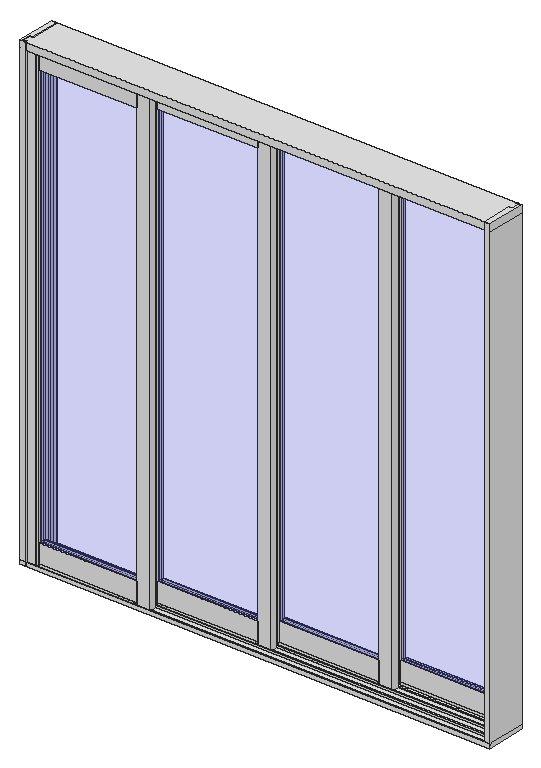
Revit family "Door-Sliding-All_Weather-Series_8100-Single_Parting", category Doors, host Wall, Revit 2026 (continued)
Definition of nested family "Detail-All_Weather-Series_8100_Footer"
  Lines and regions (in)
    Masking region 14, in view "Ref. Level", visible <- "4 Track", detail levels medium+fine
      outline origin (6.06606, 0, 0) x (1, 0, 0) y (0, 1, 0)
        loop
          line (-0.80264, 2.4338) -> (-0.80264, 2.21514) -> (-0.85234, 2.21514) -> (-0.85234, 2.26245) -> (-0.89209, 2.26245) -> (-0.89209, 2.16942) -> (-0.87419, 2.14386) -> (-0.87419, 2.078)
          arc (-0.87419, 2.078) -> (-0.92298, 2.0687) -> (-0.96494, 2.04212) r 0.13269
          arc (-0.96494, 2.04212) -> (-0.9663, 1.99997) -> (-0.92415, 1.99861) r 0.02982
          arc (-0.92415, 1.99861) -> (-0.8013, 1.94041) -> (-0.93084, 1.89919) r 0.07305
          line (-0.93084, 1.89919) -> (-1.42083, 1.93387) -> (-1.42083, 2.15352) -> (-1.32145, 2.15352) -> (-1.32145, 2.26245) -> (-1.36115, 2.26245) -> (-1.36115, 2.21514) -> (-1.41085, 2.21514) -> (-1.41085, 2.4338) -> (-1.36115, 2.4338) -> (-1.36115, 2.38649) -> (-1.32145, 2.38649) -> (-1.32145, 2.49542) -> (-1.48047, 2.49542) -> (-1.48047, 2.09588) -> (-1.51292, 2.09588) -> (-1.52812, 2.14557) -> (-1.55998, 2.14557) -> (-1.55998, 2.0673)
          arc (-1.55998, 2.0673) -> (-1.55088, 2.04534) -> (-1.52892, 2.03624) r 0.03106
          line (-1.52892, 2.03624) -> (-1.48047, 2.03624) -> (-1.48047, 1.78106) -> (-1.43135, 1.78106) -> (-1.43135, 1.87424) -> (-1.37114, 1.87424) -> (-1.37114, 1.75) -> (-1.29163, 1.75) -> (-1.29163, 1.85498) -> (-0.94735, 1.83061) -> (-0.87419, 1.75) -> (-0.60646, 1.75) -> (-0.60646, 1.85004)
          arc (-0.60646, 1.85004) -> (-0.61686, 1.87036) -> (-0.63943, 1.87378) r 0.02503
          line (-0.63943, 1.87378) -> (-0.68569, 1.82752) -> (-0.74199, 1.82752)
          arc (-0.74199, 1.82752) -> (-0.76378, 1.83655) -> (-0.7728, 1.85833) r 0.03081
          line (-0.7728, 1.85833) -> (-0.7728, 2.04022)
          arc (-0.7728, 2.04022) -> (-0.76378, 2.062) -> (-0.74199, 2.07103) r 0.03081
          line (-0.74199, 2.07103) -> (-0.68569, 2.07103) -> (-0.64568, 2.03102)
          arc (-0.64568, 2.03102) -> (-0.61981, 2.02902) -> (-0.60627, 2.05115) r 0.02485
          line (-0.60627, 2.05115) -> (-0.60627, 2.18197) -> (-0.64593, 2.12532) -> (-0.69871, 2.12532) -> (-0.72313, 2.14973) -> (-0.72313, 2.37497) -> (-0.67417, 2.34069) -> (-0.67417, 2.39707) -> (-0.72311, 2.49542) -> (-0.89209, 2.49542) -> (-0.89209, 2.38649) -> (-0.85234, 2.38649) -> (-0.85234, 2.4338) -> (-0.80264, 2.4338)
        loop
          line (-0.16126, 2.4338) -> (-0.11157, 2.4338) -> (-0.11157, 2.38649) -> (-0.07181, 2.38649) -> (-0.07181, 2.49542) -> (-0.2408, 2.49542) -> (-0.28973, 2.39707) -> (-0.28973, 2.34069) -> (-0.24077, 2.37497) -> (-0.24077, 2.14973) -> (-0.26519, 2.12532) -> (-0.31797, 2.12532) -> (-0.35764, 2.18197) -> (-0.35764, 2.05115)
          arc (-0.35764, 2.05115) -> (-0.34409, 2.02902) -> (-0.31823, 2.03102) r 0.02485
          line (-0.31823, 2.03102) -> (-0.27822, 2.07103) -> (-0.22191, 2.07103)
          arc (-0.22191, 2.07103) -> (-0.20013, 2.062) -> (-0.1911, 2.04022) r 0.03081
          line (-0.1911, 2.04022) -> (-0.1911, 1.85833)
          arc (-0.1911, 1.85833) -> (-0.20013, 1.83655) -> (-0.22191, 1.82752) r 0.03081
          line (-0.22191, 1.82752) -> (-0.27822, 1.82752) -> (-0.32447, 1.87378)
          arc (-0.32447, 1.87378) -> (-0.34704, 1.87036) -> (-0.35745, 1.85004) r 0.02503
          line (-0.35745, 1.85004) -> (-0.35745, 1.75) -> (-0.08971, 1.75) -> (-0.01645, 1.83073) -> (0.33638, 1.86225) -> (0.33638, 1.75) -> (0.41589, 1.75) -> (0.41589, 1.87424) -> (0.46745, 1.87424) -> (0.46745, 1.78106) -> (0.51656, 1.78106) -> (0.51656, 1.93387) -> (0.41589, 1.93387) -> (0.41589, 2.15534) -> (0.47199, 2.15534) -> (0.48422, 2.10564) -> (0.51528, 2.10564) -> (0.51528, 2.49542) -> (0.35754, 2.49542) -> (0.35754, 2.38649) -> (0.39725, 2.38649) -> (0.39725, 2.4338) -> (0.44694, 2.4338) -> (0.44694, 2.21514) -> (0.39725, 2.21514) -> (0.39725, 2.26245) -> (0.35754, 2.26245) -> (0.35754, 1.93399) -> (-0.03315, 1.89908)
          arc (-0.03315, 1.89908) -> (-0.1626, 1.94048) -> (-0.03975, 1.99861) r 0.07305
          arc (-0.03975, 1.99861) -> (0.00239, 1.99997) -> (0.00103, 2.04212) r 0.02982
          arc (0.00103, 2.04212) -> (-0.04092, 2.0687) -> (-0.08971, 2.078) r 0.13269
          line (-0.08971, 2.078) -> (-0.08971, 2.14386) -> (-0.07181, 2.16942) -> (-0.07181, 2.26245) -> (-0.11157, 2.26245) -> (-0.11157, 2.21514) -> (-0.16126, 2.21514) -> (-0.16126, 2.4338)
    Masking region 15, in view "Ref. Level", visible <- "4 Track", detail levels fine
      outline origin (6.06749, 0, 0) x (1, 0, 0) y (0, 1, 0)
        loop
          line (-1.36155, 2.36305) -> (-1.36155, 2.4338) -> (-1.41125, 2.4338) -> (-1.41125, 2.21514) -> (-1.36155, 2.21514) -> (-1.36155, 2.28404) -> (-1.22601, 2.27665) -> (-1.22601, 2.3706) -> (-1.36155, 2.36305)
        loop
          line (0.39458, 2.36305) -> (0.25904, 2.3706) -> (0.25904, 2.27665) -> (0.39458, 2.28404) -> (0.39458, 2.21514) -> (0.44427, 2.21514) -> (0.44427, 2.4338) -> (0.39458, 2.4338) -> (0.39458, 2.36305)
    Masking region 16, in view "Ref. Level", visible <- "4 Track", detail levels fine
      outline origin (6.06606, 0, 0) x (1, 0, 0) y (0, 1, 0)
        loop
          line (-4.60627, 2.12834) -> (-4.60627, 2.05115)
          arc (-4.60627, 2.05115) -> (-4.61981, 2.02902) -> (-4.64568, 2.03102) r 0.02485
          line (-4.64568, 2.03102) -> (-4.68569, 2.07103) -> (-4.74199, 2.07103)
          arc (-4.74199, 2.07103) -> (-4.76378, 2.062) -> (-4.7728, 2.04022) r 0.03081
          line (-4.7728, 2.04022) -> (-4.7728, 1.85833)
          arc (-4.7728, 1.85833) -> (-4.76378, 1.83655) -> (-4.74199, 1.82752) r 0.03081
          line (-4.74199, 1.82752) -> (-4.68569, 1.82752) -> (-4.64568, 1.86753)
          arc (-4.64568, 1.86753) -> (-4.61981, 1.86953) -> (-4.60627, 1.8474) r 0.02485
          line (-4.60627, 1.8474) -> (-4.60627, 1.81581) -> (-4.35764, 1.81581) -> (-4.35764, 1.8474)
          arc (-4.35764, 1.8474) -> (-4.34409, 1.86953) -> (-4.31823, 1.86753) r 0.02485
          line (-4.31823, 1.86753) -> (-4.27822, 1.82752) -> (-4.22191, 1.82752)
          arc (-4.22191, 1.82752) -> (-4.20013, 1.83655) -> (-4.1911, 1.85833) r 0.03081
          line (-4.1911, 1.85833) -> (-4.1911, 2.04022)
          arc (-4.1911, 2.04022) -> (-4.20013, 2.062) -> (-4.22191, 2.07103) r 0.03081
          line (-4.22191, 2.07103) -> (-4.27822, 2.07103) -> (-4.31823, 2.03102)
          arc (-4.31823, 2.03102) -> (-4.34409, 2.02902) -> (-4.35764, 2.05115) r 0.02485
          line (-4.35764, 2.05115) -> (-4.35764, 2.12834) -> (-4.60627, 2.12834)
    Masking region 17, in view "Ref. Level", visible <- "4 Track", detail levels fine
      outline origin (6.06606, 0, 0) x (1, 0, 0) y (0, 1, 0)
        loop
          line (-4.30086, 2.2299) -> (-4.30086, 2.40314) -> (-4.37824, 2.53225) -> (-4.37824, 2.57578)
          arc (-4.37824, 2.57578) -> (-4.4826, 2.68014) -> (-4.58695, 2.57578) r 0.10436
          line (-4.58695, 2.57578) -> (-4.58695, 2.53225) -> (-4.66423, 2.40314) -> (-4.66423, 2.2299) -> (-4.70088, 2.2299) -> (-4.70088, 2.1592)
          arc (-4.70088, 2.1592) -> (-4.66765, 2.12596) -> (-4.63441, 2.1592) r 0.03323
          line (-4.63441, 2.1592) -> (-4.63441, 2.39229) -> (-4.55714, 2.5214) -> (-4.55714, 2.57578)
          arc (-4.55714, 2.57578) -> (-4.4826, 2.65032) -> (-4.40805, 2.57578) r 0.07454
          line (-4.40805, 2.57578) -> (-4.40805, 2.5214) -> (-4.33078, 2.39229) -> (-4.33078, 2.1592)
          arc (-4.33078, 2.1592) -> (-4.29754, 2.12596) -> (-4.26431, 2.1592) r 0.03323
          line (-4.26431, 2.1592) -> (-4.26431, 2.2299) -> (-4.30086, 2.2299)
  Dimensions and locks (in)
    "Height": plane 3 "Top" to plane 1 "Center (Front/Back)"
    "Thickness": plane 4 "Front" to plane 5
    Masking region 3 sketch curve to Masking region 3 sketch curve to Masking region 3 sketch curve to Masking region 3 sketch curve to Masking region 3 sketch curve to Masking region 3 sketch curve to Masking region 3 sketch curve to Masking region 3 sketch curve = 0' - 0.04969" locked, 0' - 0" locked, 0' - 0.13554" locked, 0' - 1.48505" locked, 0' - 0.13554" locked, 0' - 0" locked, 0' - 0.04969" locked
    plane 3 "Top" to Masking region 3 sketch curve to Masking region 3 sketch curve to Masking region 3 sketch curve to Masking region 3 sketch curve to Masking region 3 sketch curve to Masking region 3 sketch curve to Masking region 3 sketch curve to Masking region 3 sketch curve to Masking region 3 sketch curve to Masking region 3 sketch curve to Masking region 3 sketch curve to Masking region 3 sketch curve = 0' - 0.0662" locked, 0' - 0" locked, 0' - 0.06321" locked, 0' - 0" locked, 0' - 0.00755" locked, 0' - 0" locked, 0' - 0.07901" locked, 0' - 0" locked, 0' - 0.00739" locked, 0' - 0" locked, 0' - 0.06151" locked, 0' - 0" locked
    locked: plane 6 to plane 5 at 1
    Masking region 1 sketch curve to Masking region 1 sketch curve to Masking region 1 sketch curve to plane 4 "Front" to Masking region 1 sketch curve to Masking region 1 sketch curve to Masking region 1 sketch curve to Masking region 1 sketch curve to Masking region 1 sketch curve to Masking region 1 sketch curve to Masking region 1 sketch curve to Masking region 1 sketch curve to Masking region 1 sketch curve to Masking region 1 sketch curve to Masking region 1 sketch curve to Masking region 1 sketch curve to Masking region 1 sketch curve to Masking region 1 sketch curve to Masking region 1 sketch curve to Masking region 1 sketch curve to Masking region 1 sketch curve to Masking region 1 sketch curve to Masking region 1 sketch curve to Masking region 1 sketch curve to Masking region 1 sketch curve to Masking region 1 sketch curve to Masking region 1 sketch curve to Masking region 1 sketch curve to Masking region 1 sketch curve to Masking region 1 sketch curve to Masking region 1 sketch curve to Masking region 1 sketch curve to Masking region 1 sketch curve to Masking region 1 sketch curve to Masking region 1 sketch curve to Masking region 1 sketch curve to Masking region 1 sketch curve to Masking region 1 sketch curve to Masking region 1 sketch curve to Masking region 1 sketch curve to Masking region 1 sketch curve to Masking region 1 sketch curve to Masking region 1 sketch curve to Masking region 1 sketch curve to Masking region 1 sketch curve to Masking region 1 sketch curve to Masking region 1 sketch curve to Masking region 1 sketch curve to Masking region 1 sketch curve to Masking region 1 sketch curve to Masking region 1 sketch curve to Masking region 1 sketch curve to Masking region 1 sketch curve to Masking region 1 sketch curve to Masking region 1 sketch curve to Masking region 1 sketch curve to Masking region 1 sketch curve to Masking region 1 sketch curve to Masking region 1 sketch curve to Masking region 1 sketch curve to Masking region 1 sketch curve to Masking region 1 sketch curve to Masking region 1 sketch curve to Masking region 1 sketch curve to Masking region 1 sketch curve to Masking region 1 sketch curve to Masking region 1 sketch curve to Masking region 1 sketch curve to Masking region 1 sketch curve to Masking region 1 sketch curve to Masking region 1 sketch curve to Masking region 1 sketch curve to Masking region 1 sketch curve to Masking region 1 sketch curve to Masking region 1 sketch curve to Masking region 1 sketch curve to Masking region 1 sketch curve to Masking region 1 sketch curve = 0' - 0.03106" locked, 0' - 0.016" locked, 0' - 0.02464", 0' - 0 1/128", 0' - 0" locked, 0' - 0.04912", 0' - 0.01052" locked, 0' - 0.00999" locked, 0' - 0.03971" locked, 0' - 0.00999" locked, 0' - 0" locked, 0' - 0.03971" locked, 0' - 0" locked, 0' - 0.02982" locked, 0' - 0.31727" locked, 0' - 0.02701" locked, 0' - 0.01651" locked, 0' - 0.03874" locked, 0' - 0" locked, 0' - 0.0179" locked, 0' - 0" locked, 0' - 0.02185" locked, 0' - 0" locked, 0' - 0.04969" locked, 0' - 0.0015" locked, 0' - 0.02834" locked, 0' - 0.03081" locked, 0' - 0" locked, 0' - 0.01886" locked, 0' - 0.00002" locked, 0' - 0.02439" locked, 0' - 0.01303" locked, 0' - 0" locked, 0' - 0.01152" locked, 0' - 0.02823" locked, 0' - 0.00026" locked, 0' - 0.00625" locked, 0' - 0.03297" locked, 0' - 0.00019" locked, 0' - 0.24863" locked, 0' - 0.00019" locked, 0' - 0.03297" locked, 0' - 0.00625" locked, 0' - 0.00026" locked, 0' - 0.02823" locked, 0' - 0.01152" locked, 0' - 0" locked, 0' - 0.01303" locked, 0' - 0.02439" locked, 0' - 0.00002" locked, 0' - 0.01886" locked, 0' - 0" locked, 0' - 0.03081" locked, 0' - 0.02834" locked, 0' - 0.0015" locked, 0' - 0.04969" locked, 0' - 0" locked, 0' - 0.02185" locked, 0' - 0" locked, 0' - 0.0179" locked, 0' - 0" locked, 0' - 0.03206" locked, 0' - 0.02331" locked, 0' - 0.01748" locked, 0' - 0.33534" locked, 0' - 0.02116" locked, 0' - 0" locked, 0' - 0.03971" locked, 0' - 0" locked, 0' - 0.01864" locked, 0' - 0" locked, 0' - 0.03106" locked, 0' - 0.0205" locked, 0' - 0.00454", 0' - 0.01223", 0' - 0.03106", 0' - 0.00129"
    plane 1 "Center (Front/Back)" to Masking region 1 sketch curve to Masking region 1 sketch curve to Masking region 1 sketch curve to Masking region 1 sketch curve to Masking region 1 sketch curve to Masking region 1 sketch curve to Masking region 1 sketch curve to Masking region 1 sketch curve to Masking region 1 sketch curve to Masking region 1 sketch curve to Masking region 1 sketch curve to Masking region 1 sketch curve to Masking region 1 sketch curve to Masking region 1 sketch curve to Masking region 1 sketch curve to Masking region 1 sketch curve to Masking region 1 sketch curve to Masking region 1 sketch curve to Masking region 1 sketch curve to Masking region 1 sketch curve to Masking region 1 sketch curve to Masking region 1 sketch curve to Masking region 1 sketch curve to Masking region 1 sketch curve to Masking region 1 sketch curve to Masking region 1 sketch curve to Masking region 1 sketch curve to Masking region 1 sketch curve to Masking region 1 sketch curve to Masking region 1 sketch curve to Masking region 1 sketch curve to Masking region 1 sketch curve to Masking region 1 sketch curve to Masking region 1 sketch curve to Masking region 1 sketch curve to Masking region 1 sketch curve to Masking region 1 sketch curve to Masking region 1 sketch curve to Masking region 1 sketch curve to Masking region 1 sketch curve to Masking region 1 sketch curve to Masking region 1 sketch curve to Masking region 1 sketch curve to Masking region 1 sketch curve to Masking region 1 sketch curve to Masking region 1 sketch curve to Masking region 1 sketch curve to Masking region 1 sketch curve to Masking region 1 sketch curve to Masking region 1 sketch curve to Masking region 1 sketch curve to Masking region 1 sketch curve to Masking region 1 sketch curve to Masking region 1 sketch curve to Masking region 1 sketch curve to Masking region 1 sketch curve to Masking region 1 sketch curve to Masking region 1 sketch curve to Masking region 1 sketch curve to Masking region 1 sketch curve to Masking region 1 sketch curve to Masking region 1 sketch curve to Masking region 1 sketch curve to Masking region 1 sketch curve to Masking region 1 sketch curve to Masking region 1 sketch curve to Masking region 1 sketch curve to Masking region 1 sketch curve to Masking region 1 sketch curve to Masking region 1 sketch curve to Masking region 1 sketch curve to Masking region 1 sketch curve to Masking region 1 sketch curve to Masking region 1 sketch curve to Masking region 1 sketch curve to Masking region 1 sketch curve to Masking region 1 sketch curve to Masking region 1 sketch curve to Masking region 1 sketch curve to Masking region 1 sketch curve to Masking region 1 sketch curve to Masking region 1 sketch curve to Masking region 1 sketch curve = 0' - 0" locked, 0' - 0" locked, 0' - 0" locked, 0' - 0" locked, 0' - 0.03106" locked, 0' - 0" locked, 0' - 0.04646" locked, 0' - 0" locked, 0' - 0.00309" locked, 0' - 0.00012" locked, 0' - 0.01931" locked, 0' - 0" locked, 0' - 0.00494" locked, 0' - 0.00336" locked, 0' - 0" locked, 0' - 0 1/256" locked, 0' - 0.01154" locked, 0' - 0" locked, 0' - 0.00046" locked, 0' - 0" locked, 0' - 0.02485" locked, 0' - 0.0001" locked, 0' - 0.03468" locked, 0' - 0" locked, 0' - 0.00011" locked, 0' - 0.06462" locked, 0' - 0" locked, 0' - 0.03241" locked, 0' - 0" locked, 0' - 0.00522" locked, 0' - 0.00398" locked, 0' - 0" locked, 0' - 0.0019" locked, 0' - 0" locked, 0' - 0.00903" locked, 0' - 0" locked, 0' - 0.01615" locked, 0' - 0.00373" locked, 0' - 0" locked, 0' - 0" locked, 0' - 0.00697" locked, 0' - 0" locked, 0' - 0.01788" locked, 0' - 0.00977" locked, 0' - 0.01967" locked, 0' - 0" locked, 0' - 0.01854" locked, 0' - 0" locked, 0' - 0.00171" locked, 0' - 0.00416" locked, 0' - 0" locked, 0' - 0.00379" locked, 0' - 0.00181" locked, 0' - 0.01409" locked, 0' - 0" locked, 0' - 0.01254" locked, 0' - 0" locked, 0' - 0.03318" locked, 0' - 0", 0' - 0", 0' - 0" locked, 0' - 0.04731" locked, 0' - 0" locked, 0' - 0" locked, 0' - 0" locked, 0' - 0.07824" locked, 0' - 0" locked, 0' - 0.03428" locked, 0' - 0" locked, 0' - 0.01152" locked, 0' - 0" locked, 0' - 0" locked, 0' - 0" locked, 0' - 0.01058" locked, 0' - 0" locked, 0' - 0.03673" locked, 0' - 0", 0' - 0", 0' - 0" locked, 0' - 0.06162" locked, 0' - 0" locked, 0' - 0" locked, 0' - 0" locked
    plane 4 "Front" to Masking region 5 sketch curve to Masking region 5 sketch curve to Masking region 5 sketch curve to Masking region 5 sketch curve to Masking region 5 sketch curve to Masking region 5 sketch curve to Masking region 5 sketch curve to Masking region 5 sketch curve to Masking region 5 sketch curve to Masking region 5 sketch curve = 0' - 0.7874", 0' - 0.03665" locked, 0' - 0.02982" locked, 0' - 0.04746" locked, 0' - 0.02982" locked, 0' - 0.14908" locked, 0' - 0.02982" locked, 0' - 0.04746" locked, 0' - 0.02992" locked, 0' - 0.03655" locked
    Masking region 5 sketch curve to Masking region 5 sketch curve to Masking region 5 sketch curve to Masking region 5 sketch curve to Masking region 5 sketch curve to Masking region 5 sketch curve to plane 3 "Top" to Masking region 5 sketch curve to Masking region 5 sketch curve to Masking region 5 sketch curve to Masking region 5 sketch curve to Masking region 5 sketch curve to Masking region 5 sketch curve to Masking region 5 sketch curve to Masking region 5 sketch curve = 0' - 0.02982" locked, 0' - 0.11807" locked, 0' - 0" locked, 0' - 0.01085" locked, 0' - 0" locked, 0' - 0.0214" locked, 0' - 0.09686" locked, 0' - 0" locked, 0' - 0.01085" locked, 0' - 0" locked, 0' - 0.16238" locked, 0' - 0" locked, 0' - 0.10394" locked, 0' - 0" locked
    plane 3 "Top" to Masking region 4 sketch curve to Masking region 4 sketch curve to Masking region 4 sketch curve to Masking region 4 sketch curve to Masking region 4 sketch curve to Masking region 4 sketch curve to Masking region 4 sketch curve to Masking region 4 sketch curve to Masking region 4 sketch curve to Masking region 4 sketch curve to Masking region 4 sketch curve to Masking region 4 sketch curve to Masking region 4 sketch curve to Masking region 4 sketch curve = 0' - 0.37166" locked, 0' - 0.05731" locked, 0' - 0" locked, 0' - 0.03081" locked, 0' - 0" locked, 0' - 0.01391" locked, 0' - 0" locked, 0' - 0.15405" locked, 0' - 0" locked, 0' - 0.01391" locked, 0' - 0" locked, 0' - 0.03081" locked, 0' - 0" locked, 0' - 0 3/256" locked
    plane 4 "Front" to Masking region 4 sketch curve to Masking region 4 sketch curve to Masking region 4 sketch curve to Masking region 4 sketch curve to Masking region 4 sketch curve to Masking region 4 sketch curve to Masking region 4 sketch curve to Masking region 4 sketch curve to Masking region 4 sketch curve to Masking region 4 sketch curve to Masking region 4 sketch curve to Masking region 4 sketch curve to Masking region 4 sketch curve to Masking region 4 sketch curve to Masking region 4 sketch curve to Masking region 4 sketch curve to Masking region 4 sketch curve to Masking region 4 sketch curve = 0' - 0.71548", 0' - 0.03081" locked, 0' - 0" locked, 0' - 0.0563" locked, 0' - 0" locked, 0' - 0.04001" locked, 0' - 0" locked, 0' - 0.03941" locked, 0' - 0" locked, 0' - 0.24863" locked, 0' - 0" locked, 0' - 0.03941" locked, 0' - 0" locked, 0' - 0.04001" locked, 0' - 0" locked, 0' - 0.0563" locked, 0' - 0" locked, 0' - 0.03081" locked
    Masking region 7 sketch curve to Masking region 7 sketch curve to Masking region 7 sketch curve to Masking region 7 sketch curve to Masking region 7 sketch curve to Masking region 7 sketch curve to Masking region 7 sketch curve to Masking region 7 sketch curve = 0' - 0.04969" locked, 0' - 0" locked, 0' - 0.13554" locked, 0' - 1.48505" locked, 0' - 0.13554" locked, 0' - 0" locked, 0' - 0.04969" locked
    Masking region 7 sketch curve to Masking region 7 sketch curve to Masking region 7 sketch curve to Masking region 7 sketch curve to Masking region 7 sketch curve to Masking region 7 sketch curve to Masking region 7 sketch curve to Masking region 7 sketch curve to Masking region 7 sketch curve to Masking region 7 sketch curve to Masking region 7 sketch curve to Masking region 7 sketch curve = 0' - 0" locked, 0' - 0.06321" locked, 0' - 0" locked, 0' - 0.00755" locked, 0' - 0" locked, 0' - 0.07901" locked, 0' - 0" locked, 0' - 0.00739" locked, 0' - 0" locked, 0' - 0.06151" locked, 0' - 0" locked
    Masking region 6 sketch curve to Masking region 6 sketch curve to Masking region 6 sketch curve to Masking region 6 sketch curve to Masking region 6 sketch curve to Masking region 6 sketch curve to Masking region 6 sketch curve to Masking region 6 sketch curve to Masking region 6 sketch curve to Masking region 6 sketch curve to Masking region 6 sketch curve to Masking region 6 sketch curve to Masking region 6 sketch curve to Masking region 6 sketch curve to Masking region 6 sketch curve to Masking region 6 sketch curve to Masking region 6 sketch curve to Masking region 6 sketch curve to Masking region 6 sketch curve to Masking region 6 sketch curve to Masking region 6 sketch curve to Masking region 6 sketch curve to Masking region 6 sketch curve to Masking region 6 sketch curve to Masking region 6 sketch curve to Masking region 6 sketch curve to Masking region 6 sketch curve to Masking region 6 sketch curve to Masking region 6 sketch curve to Masking region 6 sketch curve to Masking region 6 sketch curve to Masking region 6 sketch curve to Masking region 6 sketch curve to Masking region 6 sketch curve to Masking region 6 sketch curve to Masking region 6 sketch curve to Masking region 6 sketch curve to Masking region 6 sketch curve to Masking region 6 sketch curve to Masking region 6 sketch curve to Masking region 6 sketch curve to Masking region 6 sketch curve to Masking region 6 sketch curve to Masking region 6 sketch curve to Masking region 6 sketch curve to Masking region 6 sketch curve to Masking region 6 sketch curve to Masking region 6 sketch curve to Masking region 6 sketch curve to Masking region 6 sketch curve to Masking region 6 sketch curve to Masking region 6 sketch curve to Masking region 6 sketch curve to Masking region 6 sketch curve to Masking region 6 sketch curve to Masking region 6 sketch curve to Masking region 6 sketch curve to Masking region 6 sketch curve to Masking region 6 sketch curve to Masking region 6 sketch curve to Masking region 6 sketch curve to Masking region 6 sketch curve to Masking region 6 sketch curve to Masking region 6 sketch curve to Masking region 6 sketch curve to Masking region 6 sketch curve to Masking region 6 sketch curve to Masking region 6 sketch curve to Masking region 6 sketch curve to Masking region 6 sketch curve to Masking region 6 sketch curve to Masking region 6 sketch curve to Masking region 6 sketch curve to Masking region 6 sketch curve to Masking region 6 sketch curve to Masking region 6 sketch curve to Masking region 6 sketch curve = 0' - 0.03106" locked, 0' - 0.016" locked, 0' - 0.03246" locked, 0' - 0" locked, 0' - 0.04912", 0' - 0.01052" locked, 0' - 0.00999" locked, 0' - 0.03971" locked, 0' - 0.00999" locked, 0' - 0" locked, 0' - 0.03971" locked, 0' - 0" locked, 0' - 0.02982" locked, 0' - 0.31727" locked, 0' - 0.02701" locked, 0' - 0.01651" locked, 0' - 0.03874" locked, 0' - 0" locked, 0' - 0.0179" locked, 0' - 0" locked, 0' - 0.02185" locked, 0' - 0" locked, 0' - 0.04969" locked, 0' - 0.0015" locked, 0' - 0.02834" locked, 0' - 0.03081" locked, 0' - 0" locked, 0' - 0.01886" locked, 0' - 0.00002" locked, 0' - 0.02439" locked, 0' - 0.01303" locked, 0' - 0" locked, 0' - 0.01152" locked, 0' - 0.02823" locked, 0' - 0.00026" locked, 0' - 0.00625" locked, 0' - 0.03297" locked, 0' - 0.00019" locked, 0' - 0.24863" locked, 0' - 0.00019" locked, 0' - 0.03297" locked, 0' - 0.00625" locked, 0' - 0.00026" locked, 0' - 0.02823" locked, 0' - 0.01152" locked, 0' - 0" locked, 0' - 0.01303" locked, 0' - 0.02439" locked, 0' - 0.00002" locked, 0' - 0.01886" locked, 0' - 0" locked, 0' - 0.03081" locked, 0' - 0.02834" locked, 0' - 0.0015" locked, 0' - 0.04969" locked, 0' - 0" locked, 0' - 0.02185" locked, 0' - 0" locked, 0' - 0.0179" locked, 0' - 0" locked, 0' - 0.03206" locked, 0' - 0.02331" locked, 0' - 0.01748" locked, 0' - 0.33534" locked, 0' - 0.02116" locked, 0' - 0" locked, 0' - 0.03971" locked, 0' - 0" locked, 0' - 0.01864" locked, 0' - 0" locked, 0' - 0.03106" locked, 0' - 0.0205" locked, 0' - 0.00454", 0' - 0.01223", 0' - 0.03106", 0' - 0.00129"
    Masking region 6 sketch curve to Masking region 6 sketch curve to Masking region 6 sketch curve to Masking region 6 sketch curve to Masking region 6 sketch curve to Masking region 6 sketch curve to Masking region 6 sketch curve to Masking region 6 sketch curve to Masking region 6 sketch curve to Masking region 6 sketch curve to Masking region 6 sketch curve to Masking region 6 sketch curve to Masking region 6 sketch curve to Masking region 6 sketch curve to Masking region 6 sketch curve to Masking region 6 sketch curve to Masking region 6 sketch curve to Masking region 6 sketch curve to Masking region 6 sketch curve to Masking region 6 sketch curve to Masking region 6 sketch curve to Masking region 6 sketch curve to Masking region 6 sketch curve to Masking region 6 sketch curve to Masking region 6 sketch curve to Masking region 6 sketch curve to Masking region 6 sketch curve to Masking region 6 sketch curve to Masking region 6 sketch curve to Masking region 6 sketch curve to Masking region 6 sketch curve to Masking region 6 sketch curve to Masking region 6 sketch curve to Masking region 6 sketch curve to Masking region 6 sketch curve to Masking region 6 sketch curve to Masking region 6 sketch curve to Masking region 6 sketch curve to Masking region 6 sketch curve to Masking region 6 sketch curve to Masking region 6 sketch curve to Masking region 6 sketch curve to Masking region 6 sketch curve to Masking region 6 sketch curve to Masking region 6 sketch curve to Masking region 6 sketch curve to Masking region 6 sketch curve to Masking region 6 sketch curve to Masking region 6 sketch curve to Masking region 6 sketch curve to Masking region 6 sketch curve to Masking region 6 sketch curve to Masking region 6 sketch curve to Masking region 6 sketch curve to Masking region 6 sketch curve to Masking region 6 sketch curve to Masking region 6 sketch curve to Masking region 6 sketch curve to Masking region 6 sketch curve to Masking region 6 sketch curve to Masking region 6 sketch curve to Masking region 6 sketch curve to Masking region 6 sketch curve to Masking region 6 sketch curve to Masking region 6 sketch curve to Masking region 6 sketch curve to Masking region 6 sketch curve to Masking region 6 sketch curve to Masking region 6 sketch curve to Masking region 6 sketch curve to Masking region 6 sketch curve to Masking region 6 sketch curve to Masking region 6 sketch curve to Masking region 6 sketch curve to Masking region 6 sketch curve to Masking region 6 sketch curve to Masking region 6 sketch curve to Masking region 6 sketch curve to Masking region 6 sketch curve to Masking region 6 sketch curve to Masking region 6 sketch curve to Masking region 6 sketch curve to Masking region 6 sketch curve = 0' - 0" locked, 0' - 0" locked, 0' - 0" locked, 0' - 0.03106" locked, 0' - 0" locked, 0' - 0.04646" locked, 0' - 0" locked, 0' - 0.00309" locked, 0' - 0.00012" locked, 0' - 0.01931" locked, 0' - 0" locked, 0' - 0.00494" locked, 0' - 0.00336" locked, 0' - 0" locked, 0' - 0 1/256" locked, 0' - 0.01154" locked, 0' - 0" locked, 0' - 0.00046" locked, 0' - 0" locked, 0' - 0.02485" locked, 0' - 0.0001" locked, 0' - 0.03468" locked, 0' - 0" locked, 0' - 0.00011" locked, 0' - 0.06462" locked, 0' - 0" locked, 0' - 0.03241" locked, 0' - 0" locked, 0' - 0.00522" locked, 0' - 0.00398" locked, 0' - 0" locked, 0' - 0.0019" locked, 0' - 0" locked, 0' - 0.00903" locked, 0' - 0" locked, 0' - 0.01615" locked, 0' - 0.00373" locked, 0' - 0" locked, 0' - 0" locked, 0' - 0.00697" locked, 0' - 0" locked, 0' - 0.01788" locked, 0' - 0.00977" locked, 0' - 0.01967" locked, 0' - 0" locked, 0' - 0.01854" locked, 0' - 0" locked, 0' - 0.00171" locked, 0' - 0.00416" locked, 0' - 0" locked, 0' - 0.00379" locked, 0' - 0.00181" locked, 0' - 0.01409" locked, 0' - 0" locked, 0' - 0.01254" locked, 0' - 0" locked, 0' - 0.03318" locked, 0' - 0", 0' - 0", 0' - 0" locked, 0' - 0.04731" locked, 0' - 0" locked, 0' - 0" locked, 0' - 0" locked, 0' - 0.07824" locked, 0' - 0" locked, 0' - 0.03428" locked, 0' - 0" locked, 0' - 0.01152" locked, 0' - 0" locked, 0' - 0" locked, 0' - 0" locked, 0' - 0.01058" locked, 0' - 0" locked, 0' - 0.03673" locked, 0' - 0", 0' - 0", 0' - 0" locked, 0' - 0.06162" locked, 0' - 0" locked, 0' - 0" locked, 0' - 0" locked
    Masking region 9 sketch curve to Masking region 9 sketch curve to Masking region 9 sketch curve to Masking region 9 sketch curve to Masking region 9 sketch curve to Masking region 9 sketch curve to Masking region 9 sketch curve to Masking region 9 sketch curve to Masking region 9 sketch curve to Masking region 9 sketch curve = 0' - 0.03665" locked, 0' - 0.02982" locked, 0' - 0.04746" locked, 0' - 0.02982" locked, 0' - 0.14908" locked, 0' - 0.02982" locked, 0' - 0.04746" locked, 0' - 0.02992" locked, 0' - 0.03655" locked
    Masking region 9 sketch curve to Masking region 9 sketch curve to Masking region 9 sketch curve to Masking region 9 sketch curve to Masking region 9 sketch curve to Masking region 9 sketch curve to Masking region 9 sketch curve to Masking region 9 sketch curve to Masking region 9 sketch curve to Masking region 9 sketch curve to Masking region 9 sketch curve to Masking region 9 sketch curve to Masking region 9 sketch curve to Masking region 9 sketch curve = 0' - 0.02982" locked, 0' - 0.11807" locked, 0' - 0" locked, 0' - 0.01085" locked, 0' - 0" locked, 0' - 0.11826", 0' - 0" locked, 0' - 0.01085" locked, 0' - 0" locked, 0' - 0.16238" locked, 0' - 0" locked, 0' - 0.10394" locked, 0' - 0" locked
    Masking region 8 sketch curve to Masking region 8 sketch curve to Masking region 8 sketch curve to Masking region 8 sketch curve to Masking region 8 sketch curve to Masking region 8 sketch curve to Masking region 8 sketch curve to Masking region 8 sketch curve to Masking region 8 sketch curve to Masking region 8 sketch curve to Masking region 8 sketch curve to Masking region 8 sketch curve to Masking region 8 sketch curve to Masking region 8 sketch curve = 0' - 0.05731" locked, 0' - 0" locked, 0' - 0.03081" locked, 0' - 0" locked, 0' - 0.01391" locked, 0' - 0" locked, 0' - 0.15405" locked, 0' - 0" locked, 0' - 0.01391" locked, 0' - 0" locked, 0' - 0.03081" locked, 0' - 0" locked, 0' - 0 3/256" locked
    Masking region 8 sketch curve to Masking region 8 sketch curve to Masking region 8 sketch curve to Masking region 8 sketch curve to Masking region 8 sketch curve to Masking region 8 sketch curve to Masking region 8 sketch curve to Masking region 8 sketch curve to Masking region 8 sketch curve to Masking region 8 sketch curve to Masking region 8 sketch curve to Masking region 8 sketch curve to Masking region 8 sketch curve to Masking region 8 sketch curve to Masking region 8 sketch curve to Masking region 8 sketch curve to Masking region 8 sketch curve to Masking region 8 sketch curve = 0' - 0.03081" locked, 0' - 0" locked, 0' - 0.0563" locked, 0' - 0" locked, 0' - 0.04001" locked, 0' - 0" locked, 0' - 0.03941" locked, 0' - 0" locked, 0' - 0.24863" locked, 0' - 0" locked, 0' - 0.03941" locked, 0' - 0" locked, 0' - 0.04001" locked, 0' - 0" locked, 0' - 0.0563" locked, 0' - 0" locked, 0' - 0.03081" locked
    Masking region 11 sketch curve to Masking region 11 sketch curve to Masking region 11 sketch curve to Masking region 11 sketch curve to Masking region 11 sketch curve to Masking region 11 sketch curve to Masking region 11 sketch curve to Masking region 11 sketch curve = 0' - 0.04969" locked, 0' - 0" locked, 0' - 0.13554" locked, 0' - 1.48505" locked, 0' - 0.13554" locked, 0' - 0" locked, 0' - 0.04969" locked
    Masking region 11 sketch curve to Masking region 11 sketch curve to Masking region 11 sketch curve to Masking region 11 sketch curve to Masking region 11 sketch curve to Masking region 11 sketch curve to Masking region 11 sketch curve to Masking region 11 sketch curve to Masking region 11 sketch curve to Masking region 11 sketch curve to Masking region 11 sketch curve to Masking region 11 sketch curve = 0' - 0" locked, 0' - 0.06321" locked, 0' - 0" locked, 0' - 0.00755" locked, 0' - 0" locked, 0' - 0.07901" locked, 0' - 0" locked, 0' - 0.00739" locked, 0' - 0" locked, 0' - 0.06151" locked, 0' - 0" locked
    Masking region 10 sketch curve to Masking region 10 sketch curve to Masking region 10 sketch curve to Masking region 10 sketch curve to Masking region 10 sketch curve to Masking region 10 sketch curve to Masking region 10 sketch curve to Masking region 10 sketch curve to Masking region 10 sketch curve to Masking region 10 sketch curve to Masking region 10 sketch curve to Masking region 10 sketch curve to Masking region 10 sketch curve to Masking region 10 sketch curve to Masking region 10 sketch curve to Masking region 10 sketch curve to Masking region 10 sketch curve to Masking region 10 sketch curve to Masking region 10 sketch curve to Masking region 10 sketch curve to Masking region 10 sketch curve to Masking region 10 sketch curve to Masking region 10 sketch curve to Masking region 10 sketch curve to Masking region 10 sketch curve to Masking region 10 sketch curve to Masking region 10 sketch curve to Masking region 10 sketch curve to Masking region 10 sketch curve to Masking region 10 sketch curve to Masking region 10 sketch curve to Masking region 10 sketch curve to Masking region 10 sketch curve to Masking region 10 sketch curve to Masking region 10 sketch curve to Masking region 10 sketch curve to Masking region 10 sketch curve to Masking region 10 sketch curve to Masking region 10 sketch curve to Masking region 10 sketch curve to Masking region 10 sketch curve to Masking region 10 sketch curve to Masking region 10 sketch curve to Masking region 10 sketch curve to Masking region 10 sketch curve to Masking region 10 sketch curve to Masking region 10 sketch curve to Masking region 10 sketch curve to Masking region 10 sketch curve to Masking region 10 sketch curve to Masking region 10 sketch curve to Masking region 10 sketch curve to Masking region 10 sketch curve to Masking region 10 sketch curve to Masking region 10 sketch curve to Masking region 10 sketch curve to Masking region 10 sketch curve to Masking region 10 sketch curve to Masking region 10 sketch curve to Masking region 10 sketch curve to Masking region 10 sketch curve to Masking region 10 sketch curve to Masking region 10 sketch curve to Masking region 10 sketch curve to Masking region 10 sketch curve to Masking region 10 sketch curve to Masking region 10 sketch curve to Masking region 10 sketch curve to Masking region 10 sketch curve to Masking region 10 sketch curve to Masking region 10 sketch curve to Masking region 10 sketch curve to Masking region 10 sketch curve to Masking region 10 sketch curve to Masking region 10 sketch curve to Masking region 10 sketch curve to Masking region 10 sketch curve = 0' - 0.03106" locked, 0' - 0.016" locked, 0' - 0.03246" locked, 0' - 0" locked, 0' - 0.04912", 0' - 0.01052" locked, 0' - 0.00999" locked, 0' - 0.03971" locked, 0' - 0.00999" locked, 0' - 0" locked, 0' - 0.03971" locked, 0' - 0" locked, 0' - 0.02982" locked, 0' - 0.31727" locked, 0' - 0.02701" locked, 0' - 0.01651" locked, 0' - 0.03874" locked, 0' - 0" locked, 0' - 0.0179" locked, 0' - 0" locked, 0' - 0.02185" locked, 0' - 0" locked, 0' - 0.04969" locked, 0' - 0.0015" locked, 0' - 0.02834" locked, 0' - 0.03081" locked, 0' - 0" locked, 0' - 0.01886" locked, 0' - 0.00002" locked, 0' - 0.02439" locked, 0' - 0.01303" locked, 0' - 0" locked, 0' - 0.01152" locked, 0' - 0.02823" locked, 0' - 0.00026" locked, 0' - 0.00625" locked, 0' - 0.03297" locked, 0' - 0.00019" locked, 0' - 0.24863" locked, 0' - 0.00019" locked, 0' - 0.03297" locked, 0' - 0.00625" locked, 0' - 0.00026" locked, 0' - 0.02823" locked, 0' - 0.01152" locked, 0' - 0" locked, 0' - 0.01303" locked, 0' - 0.02439" locked, 0' - 0.00002" locked, 0' - 0.01886" locked, 0' - 0" locked, 0' - 0.03081" locked, 0' - 0.02834" locked, 0' - 0.0015" locked, 0' - 0.04969" locked, 0' - 0" locked, 0' - 0.02185" locked, 0' - 0" locked, 0' - 0.0179" locked, 0' - 0" locked, 0' - 0.03206" locked, 0' - 0.02331" locked, 0' - 0.01748" locked, 0' - 0.33534" locked, 0' - 0.02116" locked, 0' - 0" locked, 0' - 0.03971" locked, 0' - 0" locked, 0' - 0.01864" locked, 0' - 0" locked, 0' - 0.03106" locked, 0' - 0.0205" locked, 0' - 0.00454", 0' - 0.01223", 0' - 0.03106", 0' - 0.00129"
    Masking region 10 sketch curve to Masking region 10 sketch curve to Masking region 10 sketch curve to Masking region 10 sketch curve to Masking region 10 sketch curve to Masking region 10 sketch curve to Masking region 10 sketch curve to Masking region 10 sketch curve to Masking region 10 sketch curve to Masking region 10 sketch curve to Masking region 10 sketch curve to Masking region 10 sketch curve to Masking region 10 sketch curve to Masking region 10 sketch curve to Masking region 10 sketch curve to Masking region 10 sketch curve to Masking region 10 sketch curve to Masking region 10 sketch curve to Masking region 10 sketch curve to Masking region 10 sketch curve to Masking region 10 sketch curve to Masking region 10 sketch curve to Masking region 10 sketch curve to Masking region 10 sketch curve to Masking region 10 sketch curve to Masking region 10 sketch curve to Masking region 10 sketch curve to Masking region 10 sketch curve to Masking region 10 sketch curve to Masking region 10 sketch curve to Masking region 10 sketch curve to Masking region 10 sketch curve to Masking region 10 sketch curve to Masking region 10 sketch curve to Masking region 10 sketch curve to Masking region 10 sketch curve to Masking region 10 sketch curve to Masking region 10 sketch curve to Masking region 10 sketch curve to Masking region 10 sketch curve to Masking region 10 sketch curve to Masking region 10 sketch curve to Masking region 10 sketch curve to Masking region 10 sketch curve to Masking region 10 sketch curve to Masking region 10 sketch curve to Masking region 10 sketch curve to Masking region 10 sketch curve to Masking region 10 sketch curve to Masking region 10 sketch curve to Masking region 10 sketch curve to Masking region 10 sketch curve to Masking region 10 sketch curve to Masking region 10 sketch curve to Masking region 10 sketch curve to Masking region 10 sketch curve to Masking region 10 sketch curve to Masking region 10 sketch curve to Masking region 10 sketch curve to Masking region 10 sketch curve to Masking region 10 sketch curve to Masking region 10 sketch curve to Masking region 10 sketch curve to Masking region 10 sketch curve to Masking region 10 sketch curve to Masking region 10 sketch curve to Masking region 10 sketch curve to Masking region 10 sketch curve to Masking region 10 sketch curve to Masking region 10 sketch curve to Masking region 10 sketch curve to Masking region 10 sketch curve to Masking region 10 sketch curve to Masking region 10 sketch curve to Masking region 10 sketch curve to Masking region 10 sketch curve to Masking region 10 sketch curve to Masking region 10 sketch curve to Masking region 10 sketch curve to Masking region 10 sketch curve to Masking region 10 sketch curve to Masking region 10 sketch curve to Masking region 10 sketch curve = 0' - 0" locked, 0' - 0" locked, 0' - 0" locked, 0' - 0.03106" locked, 0' - 0" locked, 0' - 0.04646" locked, 0' - 0" locked, 0' - 0.00309" locked, 0' - 0.00012" locked, 0' - 0.01931" locked, 0' - 0" locked, 0' - 0.00494" locked, 0' - 0.00336" locked, 0' - 0" locked, 0' - 0 1/256" locked, 0' - 0.01154" locked, 0' - 0" locked, 0' - 0.00046" locked, 0' - 0" locked, 0' - 0.02485" locked, 0' - 0.0001" locked, 0' - 0.03468" locked, 0' - 0" locked, 0' - 0.00011" locked, 0' - 0.06462" locked, 0' - 0" locked, 0' - 0.03241" locked, 0' - 0" locked, 0' - 0.00522" locked, 0' - 0.00398" locked, 0' - 0" locked, 0' - 0.0019" locked, 0' - 0" locked, 0' - 0.00903" locked, 0' - 0" locked, 0' - 0.01615" locked, 0' - 0.00373" locked, 0' - 0" locked, 0' - 0" locked, 0' - 0.00697" locked, 0' - 0" locked, 0' - 0.01788" locked, 0' - 0.00977" locked, 0' - 0.01967" locked, 0' - 0" locked, 0' - 0.01854" locked, 0' - 0" locked, 0' - 0.00171" locked, 0' - 0.00416" locked, 0' - 0" locked, 0' - 0.00379" locked, 0' - 0.00181" locked, 0' - 0.01409" locked, 0' - 0" locked, 0' - 0.01254" locked, 0' - 0" locked, 0' - 0.03318" locked, 0' - 0", 0' - 0", 0' - 0" locked, 0' - 0.04731" locked, 0' - 0" locked, 0' - 0" locked, 0' - 0" locked, 0' - 0.07824" locked, 0' - 0" locked, 0' - 0.03428" locked, 0' - 0" locked, 0' - 0.01152" locked, 0' - 0" locked, 0' - 0" locked, 0' - 0" locked, 0' - 0.01058" locked, 0' - 0" locked, 0' - 0.03673" locked, 0' - 0", 0' - 0", 0' - 0" locked, 0' - 0.06162" locked, 0' - 0" locked, 0' - 0" locked, 0' - 0" locked
    Masking region 13 sketch curve to Masking region 13 sketch curve to Masking region 13 sketch curve to Masking region 13 sketch curve to Masking region 13 sketch curve to Masking region 13 sketch curve to Masking region 13 sketch curve to Masking region 13 sketch curve to Masking region 13 sketch curve to Masking region 13 sketch curve = 0' - 0.03665" locked, 0' - 0.02982" locked, 0' - 0.04746" locked, 0' - 0.02982" locked, 0' - 0.14908" locked, 0' - 0.02982" locked, 0' - 0.04746" locked, 0' - 0.02992" locked, 0' - 0.03655" locked
    Masking region 13 sketch curve to Masking region 13 sketch curve to Masking region 13 sketch curve to Masking region 13 sketch curve to Masking region 13 sketch curve to Masking region 13 sketch curve to Masking region 13 sketch curve to Masking region 13 sketch curve to Masking region 13 sketch curve to Masking region 13 sketch curve to Masking region 13 sketch curve to Masking region 13 sketch curve to Masking region 13 sketch curve to Masking region 13 sketch curve = 0' - 0.02982" locked, 0' - 0.11807" locked, 0' - 0" locked, 0' - 0.01085" locked, 0' - 0" locked, 0' - 0.11826", 0' - 0" locked, 0' - 0.01085" locked, 0' - 0" locked, 0' - 0.16238" locked, 0' - 0" locked, 0' - 0.10394" locked, 0' - 0" locked
    Masking region 12 sketch curve to Masking region 12 sketch curve to Masking region 12 sketch curve to Masking region 12 sketch curve to Masking region 12 sketch curve to Masking region 12 sketch curve to Masking region 12 sketch curve to Masking region 12 sketch curve to Masking region 12 sketch curve to Masking region 12 sketch curve to Masking region 12 sketch curve to Masking region 12 sketch curve to Masking region 12 sketch curve to Masking region 12 sketch curve = 0' - 0.05731" locked, 0' - 0" locked, 0' - 0.03081" locked, 0' - 0" locked, 0' - 0.01391" locked, 0' - 0" locked, 0' - 0.15405" locked, 0' - 0" locked, 0' - 0.01391" locked, 0' - 0" locked, 0' - 0.03081" locked, 0' - 0" locked, 0' - 0 3/256" locked
    Masking region 12 sketch curve to Masking region 12 sketch curve to Masking region 12 sketch curve to Masking region 12 sketch curve to Masking region 12 sketch curve to Masking region 12 sketch curve to Masking region 12 sketch curve to Masking region 12 sketch curve to Masking region 12 sketch curve to Masking region 12 sketch curve to Masking region 12 sketch curve to Masking region 12 sketch curve to Masking region 12 sketch curve to Masking region 12 sketch curve to Masking region 12 sketch curve to Masking region 12 sketch curve to Masking region 12 sketch curve to Masking region 12 sketch curve = 0' - 0.03081" locked, 0' - 0" locked, 0' - 0.0563" locked, 0' - 0" locked, 0' - 0.04001" locked, 0' - 0" locked, 0' - 0.03941" locked, 0' - 0" locked, 0' - 0.24863" locked, 0' - 0" locked, 0' - 0.03941" locked, 0' - 0" locked, 0' - 0.04001" locked, 0' - 0" locked, 0' - 0.0563" locked, 0' - 0" locked, 0' - 0.03081" locked
    Masking region 15 sketch curve to Masking region 15 sketch curve to Masking region 15 sketch curve to Masking region 15 sketch curve to Masking region 15 sketch curve to Masking region 15 sketch curve to Masking region 15 sketch curve to Masking region 15 sketch curve = 0' - 0.04969" locked, 0' - 0" locked, 0' - 0.13554" locked, 0' - 1.48505" locked, 0' - 0.13554" locked, 0' - 0" locked, 0' - 0.04969" locked
    Masking region 15 sketch curve to Masking region 15 sketch curve to Masking region 15 sketch curve to Masking region 15 sketch curve to Masking region 15 sketch curve to Masking region 15 sketch curve to Masking region 15 sketch curve to Masking region 15 sketch curve to Masking region 15 sketch curve to Masking region 15 sketch curve to Masking region 15 sketch curve to Masking region 15 sketch curve = 0' - 0" locked, 0' - 0.06321" locked, 0' - 0" locked, 0' - 0.00755" locked, 0' - 0" locked, 0' - 0.07901" locked, 0' - 0" locked, 0' - 0.00739" locked, 0' - 0" locked, 0' - 0.06151" locked, 0' - 0" locked
    Masking region 14 sketch curve to Masking region 14 sketch curve to Masking region 14 sketch curve to Masking region 14 sketch curve to Masking region 14 sketch curve to Masking region 14 sketch curve to Masking region 14 sketch curve to Masking region 14 sketch curve to Masking region 14 sketch curve to Masking region 14 sketch curve to Masking region 14 sketch curve to Masking region 14 sketch curve to Masking region 14 sketch curve to Masking region 14 sketch curve to Masking region 14 sketch curve to Masking region 14 sketch curve to Masking region 14 sketch curve to Masking region 14 sketch curve to Masking region 14 sketch curve to Masking region 14 sketch curve to Masking region 14 sketch curve to Masking region 14 sketch curve to Masking region 14 sketch curve to Masking region 14 sketch curve to Masking region 14 sketch curve to Masking region 14 sketch curve to Masking region 14 sketch curve to Masking region 14 sketch curve to Masking region 14 sketch curve to Masking region 14 sketch curve to Masking region 14 sketch curve to Masking region 14 sketch curve to Masking region 14 sketch curve to Masking region 14 sketch curve to Masking region 14 sketch curve to Masking region 14 sketch curve to Masking region 14 sketch curve to Masking region 14 sketch curve to Masking region 14 sketch curve to Masking region 14 sketch curve to Masking region 14 sketch curve to Masking region 14 sketch curve to Masking region 14 sketch curve to Masking region 14 sketch curve to Masking region 14 sketch curve to Masking region 14 sketch curve to Masking region 14 sketch curve to Masking region 14 sketch curve to Masking region 14 sketch curve to Masking region 14 sketch curve to Masking region 14 sketch curve to Masking region 14 sketch curve to Masking region 14 sketch curve to Masking region 14 sketch curve to Masking region 14 sketch curve to Masking region 14 sketch curve to Masking region 14 sketch curve to Masking region 14 sketch curve to Masking region 14 sketch curve to Masking region 14 sketch curve to Masking region 14 sketch curve to Masking region 14 sketch curve to Masking region 14 sketch curve to Masking region 14 sketch curve to Masking region 14 sketch curve to Masking region 14 sketch curve to Masking region 14 sketch curve to Masking region 14 sketch curve to Masking region 14 sketch curve to Masking region 14 sketch curve to Masking region 14 sketch curve to Masking region 14 sketch curve to Masking region 14 sketch curve to Masking region 14 sketch curve to Masking region 14 sketch curve to Masking region 14 sketch curve to Masking region 14 sketch curve = 0' - 0.03106" locked, 0' - 0.016" locked, 0' - 0.03246" locked, 0' - 0" locked, 0' - 0.04912", 0' - 0.01052" locked, 0' - 0.00999" locked, 0' - 0.03971" locked, 0' - 0.00999" locked, 0' - 0" locked, 0' - 0.03971" locked, 0' - 0" locked, 0' - 0.02982" locked, 0' - 0.31727" locked, 0' - 0.02701" locked, 0' - 0.01651" locked, 0' - 0.03874" locked, 0' - 0" locked, 0' - 0.0179" locked, 0' - 0" locked, 0' - 0.02185" locked, 0' - 0" locked, 0' - 0.04969" locked, 0' - 0.0015" locked, 0' - 0.02834" locked, 0' - 0.03081" locked, 0' - 0" locked, 0' - 0.01886" locked, 0' - 0.00002" locked, 0' - 0.02439" locked, 0' - 0.01303" locked, 0' - 0" locked, 0' - 0.01152" locked, 0' - 0.02823" locked, 0' - 0.00026" locked, 0' - 0.00625" locked, 0' - 0.03297" locked, 0' - 0.00019" locked, 0' - 0.24863" locked, 0' - 0.00019" locked, 0' - 0.03297" locked, 0' - 0.00625" locked, 0' - 0.00026" locked, 0' - 0.02823" locked, 0' - 0.01152" locked, 0' - 0" locked, 0' - 0.01303" locked, 0' - 0.02439" locked, 0' - 0.00002" locked, 0' - 0.01886" locked, 0' - 0" locked, 0' - 0.03081" locked, 0' - 0.02834" locked, 0' - 0.0015" locked, 0' - 0.04969" locked, 0' - 0" locked, 0' - 0.02185" locked, 0' - 0" locked, 0' - 0.0179" locked, 0' - 0" locked, 0' - 0.03206" locked, 0' - 0.02331" locked, 0' - 0.01748" locked, 0' - 0.33534" locked, 0' - 0.02116" locked, 0' - 0" locked, 0' - 0.03971" locked, 0' - 0" locked, 0' - 0.01864" locked, 0' - 0" locked, 0' - 0.03106" locked, 0' - 0.0205" locked, 0' - 0.00454", 0' - 0.01223", 0' - 0.03106", 0' - 0.00129"
    Masking region 14 sketch curve to Masking region 14 sketch curve to Masking region 14 sketch curve to Masking region 14 sketch curve to Masking region 14 sketch curve to Masking region 14 sketch curve to Masking region 14 sketch curve to Masking region 14 sketch curve to Masking region 14 sketch curve to Masking region 14 sketch curve to Masking region 14 sketch curve to Masking region 14 sketch curve to Masking region 14 sketch curve to Masking region 14 sketch curve to Masking region 14 sketch curve to Masking region 14 sketch curve to Masking region 14 sketch curve to Masking region 14 sketch curve to Masking region 14 sketch curve to Masking region 14 sketch curve to Masking region 14 sketch curve to Masking region 14 sketch curve to Masking region 14 sketch curve to Masking region 14 sketch curve to Masking region 14 sketch curve to Masking region 14 sketch curve to Masking region 14 sketch curve to Masking region 14 sketch curve to Masking region 14 sketch curve to Masking region 14 sketch curve to Masking region 14 sketch curve to Masking region 14 sketch curve to Masking region 14 sketch curve to Masking region 14 sketch curve to Masking region 14 sketch curve to Masking region 14 sketch curve to Masking region 14 sketch curve to Masking region 14 sketch curve to Masking region 14 sketch curve to Masking region 14 sketch curve to Masking region 14 sketch curve to Masking region 14 sketch curve to Masking region 14 sketch curve to Masking region 14 sketch curve to Masking region 14 sketch curve to Masking region 14 sketch curve to Masking region 14 sketch curve to Masking region 14 sketch curve to Masking region 14 sketch curve to Masking region 14 sketch curve to Masking region 14 sketch curve to Masking region 14 sketch curve to Masking region 14 sketch curve to Masking region 14 sketch curve to Masking region 14 sketch curve to Masking region 14 sketch curve to Masking region 14 sketch curve to Masking region 14 sketch curve to Masking region 14 sketch curve to Masking region 14 sketch curve to Masking region 14 sketch curve to Masking region 14 sketch curve to Masking region 14 sketch curve to Masking region 14 sketch curve to Masking region 14 sketch curve to Masking region 14 sketch curve to Masking region 14 sketch curve to Masking region 14 sketch curve to Masking region 14 sketch curve to Masking region 14 sketch curve to Masking region 14 sketch curve to Masking region 14 sketch curve to Masking region 14 sketch curve to Masking region 14 sketch curve to Masking region 14 sketch curve to Masking region 14 sketch curve to Masking region 14 sketch curve to Masking region 14 sketch curve to Masking region 14 sketch curve to Masking region 14 sketch curve to Masking region 14 sketch curve to Masking region 14 sketch curve to Masking region 14 sketch curve = 0' - 0" locked, 0' - 0" locked, 0' - 0" locked, 0' - 0.03106" locked, 0' - 0" locked, 0' - 0.04646" locked, 0' - 0" locked, 0' - 0.00309" locked, 0' - 0.00012" locked, 0' - 0.01931" locked, 0' - 0" locked, 0' - 0.00494" locked, 0' - 0.00336" locked, 0' - 0" locked, 0' - 0 1/256" locked, 0' - 0.01154" locked, 0' - 0" locked, 0' - 0.00046" locked, 0' - 0" locked, 0' - 0.02485" locked, 0' - 0.0001" locked, 0' - 0.03468" locked, 0' - 0" locked, 0' - 0.00011" locked, 0' - 0.06462" locked, 0' - 0" locked, 0' - 0.03241" locked, 0' - 0" locked, 0' - 0.00522" locked, 0' - 0.00398" locked, 0' - 0" locked, 0' - 0.0019" locked, 0' - 0" locked, 0' - 0.00903" locked, 0' - 0" locked, 0' - 0.01615" locked, 0' - 0.00373" locked, 0' - 0" locked, 0' - 0" locked, 0' - 0.00697" locked, 0' - 0" locked, 0' - 0.01788" locked, 0' - 0.00977" locked, 0' - 0.01967" locked, 0' - 0" locked, 0' - 0.01854" locked, 0' - 0" locked, 0' - 0.00171" locked, 0' - 0.00416" locked, 0' - 0" locked, 0' - 0.00379" locked, 0' - 0.00181" locked, 0' - 0.01409" locked, 0' - 0" locked, 0' - 0.01254" locked, 0' - 0" locked, 0' - 0.03318" locked, 0' - 0", 0' - 0", 0' - 0" locked, 0' - 0.04731" locked, 0' - 0" locked, 0' - 0" locked, 0' - 0" locked, 0' - 0.07824" locked, 0' - 0" locked, 0' - 0.03428" locked, 0' - 0" locked, 0' - 0.01152" locked, 0' - 0" locked, 0' - 0" locked, 0' - 0" locked, 0' - 0.01058" locked, 0' - 0" locked, 0' - 0.03673" locked, 0' - 0", 0' - 0", 0' - 0" locked, 0' - 0.06162" locked, 0' - 0" locked, 0' - 0" locked, 0' - 0" locked
    Masking region 17 sketch curve to Masking region 17 sketch curve to Masking region 17 sketch curve to Masking region 17 sketch curve to Masking region 17 sketch curve to Masking region 17 sketch curve to Masking region 17 sketch curve to Masking region 17 sketch curve to Masking region 17 sketch curve to Masking region 17 sketch curve = 0' - 0.03665" locked, 0' - 0.02982" locked, 0' - 0.04746" locked, 0' - 0.02982" locked, 0' - 0.14908" locked, 0' - 0.02982" locked, 0' - 0.04746" locked, 0' - 0.02992" locked, 0' - 0.03655" locked
    Masking region 17 sketch curve to Masking region 17 sketch curve to Masking region 17 sketch curve to Masking region 17 sketch curve to Masking region 17 sketch curve to Masking region 17 sketch curve to Masking region 17 sketch curve to Masking region 17 sketch curve to Masking region 17 sketch curve to Masking region 17 sketch curve to Masking region 17 sketch curve to Masking region 17 sketch curve to Masking region 17 sketch curve to Masking region 17 sketch curve = 0' - 0.02982" locked, 0' - 0.11807" locked, 0' - 0" locked, 0' - 0.01085" locked, 0' - 0" locked, 0' - 0.11826", 0' - 0" locked, 0' - 0.01085" locked, 0' - 0" locked, 0' - 0.16238" locked, 0' - 0" locked, 0' - 0.10394" locked, 0' - 0" locked
    Masking region 16 sketch curve to Masking region 16 sketch curve to Masking region 16 sketch curve to Masking region 16 sketch curve to Masking region 16 sketch curve to Masking region 16 sketch curve to Masking region 16 sketch curve to Masking region 16 sketch curve to Masking region 16 sketch curve to Masking region 16 sketch curve to Masking region 16 sketch curve to Masking region 16 sketch curve to Masking region 16 sketch curve to Masking region 16 sketch curve = 0' - 0.05731" locked, 0' - 0" locked, 0' - 0.03081" locked, 0' - 0" locked, 0' - 0.01391" locked, 0' - 0" locked, 0' - 0.15405" locked, 0' - 0" locked, 0' - 0.01391" locked, 0' - 0" locked, 0' - 0.03081" locked, 0' - 0" locked, 0' - 0 3/256" locked
    Masking region 16 sketch curve to Masking region 16 sketch curve to Masking region 16 sketch curve to Masking region 16 sketch curve to Masking region 16 sketch curve to Masking region 16 sketch curve to Masking region 16 sketch curve to Masking region 16 sketch curve to Masking region 16 sketch curve to Masking region 16 sketch curve to Masking region 16 sketch curve to Masking region 16 sketch curve to Masking region 16 sketch curve to Masking region 16 sketch curve to Masking region 16 sketch curve to Masking region 16 sketch curve to Masking region 16 sketch curve to Masking region 16 sketch curve = 0' - 0.03081" locked, 0' - 0" locked, 0' - 0.0563" locked, 0' - 0" locked, 0' - 0.04001" locked, 0' - 0" locked, 0' - 0.03941" locked, 0' - 0" locked, 0' - 0.24863" locked, 0' - 0" locked, 0' - 0.03941" locked, 0' - 0" locked, 0' - 0.04001" locked, 0' - 0" locked, 0' - 0.0563" locked, 0' - 0" locked, 0' - 0.03081" locked
    plane 4 "Front" to plane 7 to plane 8 to plane 9 = 0' - 1.99575" locked, 0' - 2" locked, 0' - 2" locked
    aligned and locked: Masking region 2 sketch curve to plane 1 "Center (Front/Back)"
    aligned and locked: plane 5 to Masking region 2
  Automatic sketch dimensions
    Masking region 1 sketch curve to Masking region 1 sketch curve = 0' - 0"  (x3)
    Masking region 1 sketch curve to Masking region 1 sketch curve = 0' - 0.03186"
    Masking region 1 sketch curve to Masking region 1 sketch curve = 0' - 0.02039"
    Masking region 2 sketch curve to plane 4 "Front" = 0' - 0 1/128"
    plane 7 to Masking region 2 sketch curve = 0' - 2.00425"
    Masking region 2 sketch curve to plane 3 "Top" = 0' - 0"
    Masking region 3 sketch curve to plane 4 "Front" = 0' - 0.07847"
    Masking region 4 sketch curve to Masking region 4 sketch curve = 0' - 0.02485"  (x3)
    Masking region 4 sketch curve to Masking region 4 sketch curve = 0' - 0.01457"
    Masking region 5 sketch curve to Masking region 5 sketch curve = 0' - 0"
    Masking region 6 sketch curve to Masking region 6 sketch curve = 0' - 0"  (x4)
    plane 7 to Masking region 6 sketch curve = 0' - 0 1/128"
    plane 1 "Center (Front/Back)" to Masking region 6 sketch curve = 0' - 0"
    Masking region 6 sketch curve to Masking region 6 sketch curve = 0' - 0.03186"
    Masking region 6 sketch curve to Masking region 6 sketch curve = 0' - 0.02039"
    plane 7 to Masking region 7 sketch curve = 0' - 0.07847"
    Masking region 7 sketch curve to plane 3 "Top" = 0' - 0.28486"
    Masking region 8 sketch curve to plane 1 "Center (Front/Back)" = 0' - 0.10833"
    plane 7 to Masking region 8 sketch curve = 0' - 0.71548"
    Masking region 8 sketch curve to Masking region 8 sketch curve = 0' - 0.02485"  (x3)
    Masking region 8 sketch curve to Masking region 8 sketch curve = 0' - 0.01457"
    Masking region 9 sketch curve to Masking region 9 sketch curve = 0' - 0"  (x3)
    Masking region 9 sketch curve to plane 3 "Top" = 0' - 0.2701"
    plane 7 to Masking region 9 sketch curve = 0' - 0.7874"
    Masking region 10 sketch curve to Masking region 10 sketch curve = 0' - 0"  (x4)
    plane 8 to Masking region 10 sketch curve = 0' - 0 1/128"
    plane 1 "Center (Front/Back)" to Masking region 10 sketch curve = 0' - 0"
    Masking region 10 sketch curve to Masking region 10 sketch curve = 0' - 0.03186"
    Masking region 10 sketch curve to Masking region 10 sketch curve = 0' - 0.02039"
    plane 8 to Masking region 11 sketch curve = 0' - 0.07847"
    Masking region 11 sketch curve to plane 3 "Top" = 0' - 0.28486"
    Masking region 12 sketch curve to plane 1 "Center (Front/Back)" = 0' - 0.10833"
    plane 8 to Masking region 12 sketch curve = 0' - 0.71548"
    Masking region 12 sketch curve to Masking region 12 sketch curve = 0' - 0.02485"  (x3)
    Masking region 12 sketch curve to Masking region 12 sketch curve = 0' - 0.01457"
    Masking region 13 sketch curve to Masking region 13 sketch curve = 0' - 0"  (x3)
    Masking region 13 sketch curve to plane 3 "Top" = 0' - 0.2701"
    plane 8 to Masking region 13 sketch curve = 0' - 0.7874"
    Masking region 14 sketch curve to Masking region 14 sketch curve = 0' - 0"  (x4)
    plane 9 to Masking region 14 sketch curve = 0' - 0 1/128"
    plane 1 "Center (Front/Back)" to Masking region 14 sketch curve = 0' - 0"
    Masking region 14 sketch curve to Masking region 14 sketch curve = 0' - 0.03186"
    Masking region 14 sketch curve to Masking region 14 sketch curve = 0' - 0.02039"
    plane 9 to Masking region 15 sketch curve = 0' - 0.07847"
    Masking region 15 sketch curve to plane 3 "Top" = 0' - 0.28486"
    Masking region 16 sketch curve to plane 1 "Center (Front/Back)" = 0' - 0.10833"
    Masking region 16 sketch curve to plane 6 = 0' - 0.28877"
    Masking region 16 sketch curve to Masking region 16 sketch curve = 0' - 0.02485"  (x3)
    Masking region 16 sketch curve to Masking region 16 sketch curve = 0' - 0.01457"
    Masking region 17 sketch curve to Masking region 17 sketch curve = 0' - 0"  (x3)
    Masking region 17 sketch curve to plane 6 = 0' - 0.21685"
    Masking region 17 sketch curve to plane 3 "Top" = 0' - 0.3408"
Types (4): name | Wall Thickness | Panel Offset | Min Width | Max Width | Jamb Extensions | Jamb Depth | Jamb Calc | End Panel Offset | Thickness | Panel Width | Panel Spacing | Number of Panels | Model | Center Panel Location | 4 Track | Not 2 Track | 3 Track | 2 Track
  (no name) | 1' - 3" | 0' - 2 31/32" | 6' - 10 3/4" | 24' - 0 3/4" | no | 0' - 7" | 0' - 7" | 0' - 6 253/256" | 0' - 8" | 2' - 1 51/64" | 0' - 2" | 4 | "Multi-Slide XXXO" | 0' - 11 75/128" | yes | yes | no | no
  2 Panel Sliding Door XO | 0' - 6" | 0' - 2 31/32" | 3' - 5 3/4" | 12' - 0 3/4" | yes | 0' - 2" | 0' - 2" | 0' - 2 253/256" | 0' - 4" | 4' - 0 15/16" | 0' - 2" | 2 | "Multi-Slide XO" | 1' - 11 5/32" | no | no | no | yes
  3 Panel Sliding Door XXO | 0' - 6" | 0' - 4 243/256" | 5' - 2 1/4" | 18' - 0 3/4" | yes | 0' - 0 1/8" | 0' - 0" | 0' - 4 253/256" | 0' - 6" | 2' - 9.58333" | 0' - 2 1/2" | 3 | "Multi-Slide XXO" | 0' - 0" | no | yes | yes | no
  4 Panel Sliding Door XXXO | 1' - 3" | 0' - 2 31/32" | 6' - 10 3/4" | 24' - 0 3/4" | no | 0' - 7" | 0' - 7" | 0' - 6 253/256" | 0' - 8" | 2' - 1 51/64" | 0' - 2" | 4 | "Multi-Slide XXXO" | 0' - 11 75/128" | yes | yes | no | no
